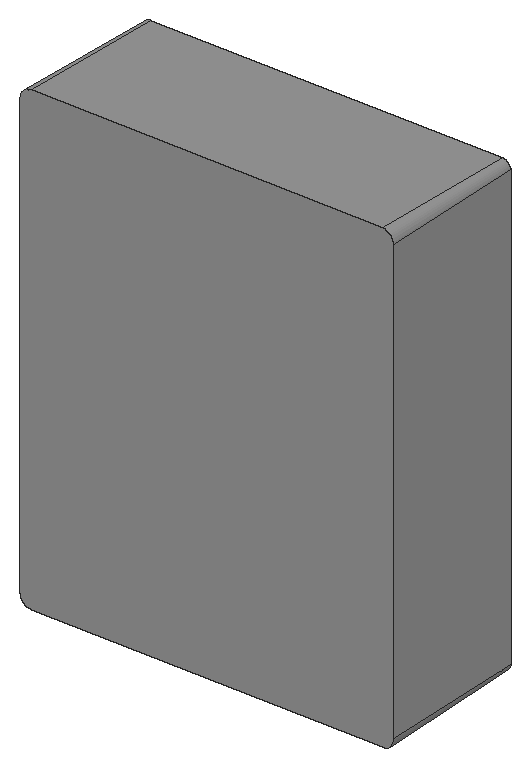
Revit family "L&L_LUCE&LIGHT_PASITO_MINI_1.2", category Lighting Fixtures, host Wall, Revit 2018 (continued)
Parameters (values of type "PASITO_MINI_1.2 – 60°")
    .00 0.00 0.00 0.00 0.00 0.00 \r\n0.00 0.00 0.00 0.00 0.00 0.00 0.00 0.00 0.00 0.00 0.00 \r\n0.00 0.00 0.00 0.00 0.00 0.00 0.00 0.00 0.00 0.00 0.00 \r\n0.00 0.00 0.00 0.00 0.00 0.00 0.00 0.00 0.00 0.00 0.00 \r\n0.00 0.00 0.00 0.00 0.02 \r\n0.01 0.00 0.00 0.00 0.00 0.00 0.00 0.00 0.00 0.00 0.00 \r\n0.00 0.00 0.00 0.00 0.00 0.00 0.00 0.00 0.00 0.00 0.00 \r\n0.00 0.00 0.00 0.00 0.00 0.00 0.00 0.00 0.00 0.00 0.00 \r\n0.00 0.00 0.00 0.00 0.00 0.00 0.00 0.00 0.00 0.00 0.00 \r\n0.00 0.00 0.00 0.00 0.00 0.00 0.00 0.00 0.00 0.00 0.00 \r\n0.00 0.00 0.00 0.00 0.00 0.00 0.00 0.00 0.00 0.00 0.00 \r\n0.00 0.00 0.00 0.00 0.00 0.00 0.00 0.00 0.00 0.00 0.00 \r\n0.00 0.00 0.00 0.00 0.00 0.00 0.00 0.00 0.00 0.00 0.00 \r\n0.00 0.00 0.00 0.00 0.00 0.00 0.00 0.00 0.00 0.00 0.00 \r\n0.00 0.00 0.00 0.00 0.00 0.00 0.00 0.00 0.00 0.00 0.00 \r\n0.00 0.00 0.00 0.00 0.00 0.00 0.00 0.00 0.00 0.00 0.00 \r\n0.00 0.00 0.00 0.00 0.00 0.00 0.00 0.00 0.00 0.00 0.00 \r\n0.00 0.00 0.00 0.00 0.00 0.00 0.00 0.00 0.00 0.00 0.00 \r\n0.00 0.00 0.00 0.00 0.00 0.00 0.00 0.00 0.00 0.00 0.00 \r\n0.00 0.00 0.00 0.00 0.00 0.00 0.00 0.00 0.00 0.00 0.00 \r\n0.00 0.00 0.00 0.00 0.00 0.00 0.00 0.00 0.00 0.00 0.00 \r\n0.00 0.00 0.00 0.00 0.02 \r\n0.01 0.00 0.00 0.00 0.00 0.00 0.00 0.00 0.00 0.00 0.00 \r\n0.00 0.00 0.00 0.00 0.00 0.00 0.00 0.00 0.00 0.00 0.00 \r\n0.00 0.00 0.00 0.00 0.00 0.00 0.00 0.00 0.00 0.00 0.00 \r\n0.00 0.00 0.00 0.00 0.00 0.00 0.00 0.00 0.00 0.00 0.00 \r\n0.00 0.00 0.00 0.00 0.00 0.00 0.00 0.00 0.00 0.00 0.00 \r\n0.00 0.00 0.00 0.00 0.00 0.00 0.00 0.00 0.00 0.00 0.00 \r\n0.00 0.00 0.00 0.00 0.00 0.00 0.00 0.00 0.00 0.00 0.00 \r\n0.00 0.00 0.00 0.00 0.00 0.00 0.00 0.00 0.00 0.00 0.00 \r\n0.00 0.00 0.00 0.00 0.00 0.00 0.00 0.00 0.00 0.00 0.00 \r\n0.00 0.00 0.00 0.00 0.00 0.00 0.00 0.00 0.00 0.00 0.00 \r\n0.00 0.00 0.00 0.00 0.00 0.00 0.00 0.00 0.00 0.00 0.00 \r\n0.00 0.00 0.00 0.00 0.00 0.00 0.00 0.00 0.00 0.00 0.00 \r\n0.00 0.00 0.00 0.00 0.00 0.00 0.00 0.00 0.00 0.00 0.00 \r\n0.00 0.00 0.00 0.00 0.00 0.00 0.00 0.00 0.00 0.00 0.00 \r\n0.00 0.00 0.00 0.00 0.00 0.00 0.00 0.00 0.00 0.00 0.00 \r\n0.00 0.00 0.00 0.00 0.00 0.00 0.00 0.00 0.00 0.00 0.00 \r\n0.00 0.00 0.00 0.00 0.02 \r\n0.01 0.00 0.00 0.00 0.00 0.00 0.00 0.00 0.00 0.00 0.00 \r\n0.00 0.00 0.00 0.00 0.00 0.00 0.00 0.00 0.00 0.00 0.00 \r\n0.00 0.00 0.00 0.00 0.00 0.00 0.00 0.00 0.00 0.00 0.00 \r\n0.00 0.00 0.00 0.00 0.00 0.00 0.00 0.00 0.00 0.00 0.00 \r\n0.00 0.00 0.00 0.00 0.00 0.00 0.00 0.00 0.00 0.00 0.00 \r\n0.00 0.00 0.00 0.00 0.00 0.00 0.00 0.00 0.00 0.00 0.00 \r\n0.00 0.00 0.00 0.00 0.00 0.00 0.00 0.00 0.00 0.00 0.00 \r\n0.00 0.00 0.00 0.00 0.00 0.00 0.00 0.00 0.00 0.00 0.00 \r\n0.00 0.00 0.00 0.00 0.00 0.00 0.00 0.00 0.00 0.00 0.00 \r\n0.00 0.00 0.00 0.00 0.00 0.00 0.00 0.00 0.00 0.00 0.00 \r\n0.00 0.00 0.00 0.00 0.00 0.00 0.00 0.00 0.00 0.00 0.00 \r\n0.00 0.00 0.00 0.00 0.00 0.00 0.00 0.00 0.00 0.00 0.00 \r\n0.00 0.00 0.00 0.00 0.00 0.00 0.00 0.00 0.00 0.00 0.00 \r\n0.00 0.00 0.00 0.00 0.00 0.00 0.00 0.00 0.00 0.00 0.00 \r\n0.00 0.00 0.00 0.00 0.00 0.00 0.00 0.00 0.00 0.00 0.00 \r\n0.00 0.00 0.00 0.00 0.00 0.00 0.00 0.00 0.00 0.00 0.00 \r\n0.00 0.00 0.00 0.00 0.02 \r\n0.01 0.00 0.00 0.00 0.00 0.00 0.00 0.00 0.00 0.00 0.00 \r\n0.00 0.00 0.00 0.00 0.00 0.00 0.00 0.00 0.00 0.00 0.00 \r\n0.00 0.00 0.00 0.00 0.00 0.00 0.00 0.00 0.00 0.00 0.00 \r\n0.00 0.00 0.00 0.00 0.00 0.00 0.00 0.00 0.00 0.00 0.00 \r\n0.00 0.00 0.00 0.00 0.00 0.00 0.00 0.00 0.00 0.00 0.00 \r\n0.00 0.00 0.00 0.00 0.00 0.00 0.00 0.00 0.00 0.00 0.00 \r\n0.00 0.00 0.00 0.00 0.00 0.00 0.00 0.00 0.00 0.00 0.00 \r\n0.00 0.00 0.00 0.00 0.00 0.00 0.00 0.00 0.00 0.00 0.00 \r\n0.00 0.00 0.00 0.00 0.00 0.00 0.00 0.00 0.00 0.00 0.00 \r\n0.00 0.00 0.00 0.00 0.00 0.00 0.00 0.00 0.00 0.00 0.00 \r\n0.00 0.00 0.00 0.00 0.00 0.00 0.00 0.00 0.00 0.00 0.00 \r\n0.00 0.00 0.00 0.00 0.00 0.00 0.00 0.00 0.00 0.00 0.00 \r\n0.00 0.00 0.00 0.00 0.00 0.00 0.00 0.00 0.00 0.00 0.00 \r\n0.00 0.00 0.00 0.00 0.00 0.00 0.00 0.00 0.00 0.00 0.00 \r\n0.00 0.00 0.00 0.00 0.00 0.00 0.00 0.00 0.00 0.00 0.00 \r\n0.00 0.00 0.00 0.00 0.00 0.00 0.00 0.00 0.00 0.00 0.00 \r\n0.00 0.00 0.00 0.00 0.02 \r\n0.01 0.00 0.00 0.00 0.00 0.00 0.00 0.00 0.00 0.00 0.00 \r\n0.00 0.00 0.00 0.00 0.00 0.00 0.00 0.00 0.00 0.00 0.00 \r\n0.00 0.00 0.00 0.00 0.00 0.00 0.00 0.00 0.00 0.00 0.00 \r\n0.00 0.00 0.00 0.00 0.00 0.00 0.00 0.00 0.00 0.00 0.00 \r\n0.00 0.00 0.00 0.00 0.00 0.00 0.00 0.00 0.00 0.00 0.00 \r\n0.00 0.00 0.00 0.00 0.00 0.00 0.00 0.00 0.00 0.00 0.00 \r\n0.00 0.00 0.00 0.00 0.00 0.00 0.00 0.00 0.00 0.00 0.00 \r\n0.00 0.00 0.00 0.00 0.00 0.00 0.00 0.00 0.00 0.00 0.00 \r\n0.00 0.00 0.00 0.00 0.00 0.00 0.00 0.00 0.00 0.00 0.00 \r\n0.00 0.00 0.00 0.00 0.00 0.00 0.00 0.00 0.00 0.00 0.00 \r\n0.00 0.00 0.00 0.00 0.00 0.00 0.00 0.00 0.00 0.00 0.00 \r\n0.00 0.00 0.00 0.00 0.00 0.00 0.00 0.00 0.00 0.00 0.00 \r\n0.00 0.00 0.00 0.00 0.00 0.00 0.00 0.00 0.00 0.00 0.00 \r\n0.00 0.00 0.00 0.00 0.00 0.00 0.00 0.00 0.00 0.00 0.00 \r\n0.00 0.00 0.00 0.00 0.00 0.00 0.00 0.00 0.00 0.00 0.00 \r\n0.00 0.00 0.00 0.00 0.00 0.00 0.00 0.00 0.00 0.00 0.00 \r\n0.00 0.00 0.00 0.00 0.02 \r\n0.01 0.00 0.00 0.00 0.00 0.00 0.00 0.00 0.00 0.00 0.00 \r\n0.00 0.00 0.00 0.00 0.00 0.00 0.00 0.00 0.00 0.00 0.00 \r\n0.00 0.00 0.00 0.00 0.00 0.00 0.00 0.00 0.00 0.00 0.00 \r\n0.00 0.00 0.00 0.00 0.00 0.00 0.00 0.00 0.00 0.00 0.00 \r\n0.00 0.00 0.00 0.00 0.00 0.00 0.00 0.00 0.00 0.00 0.00 \r\n0.00 0.00 0.00 0.00 0.00 0.00 0.00 0.00 0.00 0.00 0.00 \r\n0.00 0.00 0.00 0.00 0.00 0.00 0.00 0.00 0.00 0.00 0.00 \r\n0.00 0.00 0.00 0.00 0.00 0.00 0.00 0.00 0.00 0.00 0.00 \r\n0.00 0.00 0.00 0.00 0.00 0.00 0.00 0.00 0.00 0.00 0.00 \r\n0.00 0.00 0.00 0.00 0.00 0.00 0.00 0.00 0.00 0.00 0.00 \r\n0.00 0.00 0.00 0.00 0.00 0.00 0.00 0.00 0.00 0.00 0.00 \r\n0.00 0.00 0.00 0.00 0.00 0.00 0.00 0.00 0.00 0.00 0.00 \r\n0.00 0.00 0.00 0.00 0.00 0.00 0.00 0.00 0.00 0.00 0.00 \r\n0.00 0.00 0.00 0.00 0.00 0.00 0.00 0.00 0.00 0.00 0.00 \r\n0.00 0.00 0.00 0.00 0.00 0.00 0.00 0.00 0.00 0.00 0.00 \r\n0.00 0.00 0.00 0.00 0.00 0.00 0.00 0.00 0.00 0.00 0.00 \r\n0.00 0.00 0.00 0.00 0.02 \r\n0.01 0.00 0.00 0.00 0.00 0.00 0.00 0.00 0.00 0.00 0.00 \r\n0.00 0.00 0.00 0.00 0.00 0.00 0.00 0.00 0.00 0.00 0.00 \r\n0.00 0.00 0.00 0.00 0.00 0.00 0.00 0.00 0.00 0.00 0.00 \r\n0.00 0.00 0.00 0.00 0.00 0.00 0.00 0.00 0.00 0.00 0.00 \r\n0.00 0.00 0.00 0.00 0.00 0.00 0.00 0.00 0.00 0.00 0.00 \r\n0.00 0.00 0.00 0.00 0.00 0.00 0.00 0.00 0.00 0.00 0.00 \r\n0.00 0.00 0.00 0.00 0.00 0.00 0.00 0.00 0.00 0.00 0.00 \r\n0.00 0.00 0.00 0.00 0.00 0.00 0.00 0.00 0.00 0.00 0.00 \r\n0.00 0.00 0.00 0.00 0.00 0.00 0.00 0.00 0.00 0.00 0.00 \r\n0.00 0.00 0.00 0.00 0.00 0.00 0.00 0.00 0.00 0.00 0.00 \r\n0.00 0.00 0.00 0.00 0.00 0.00 0.00 0.00 0.00 0.00 0.00 \r\n0.00 0.00 0.00 0.00 0.00 0.00 0.00 0.00 0.00 0.00 0.00 \r\n0.00 0.00 0.00 0.00 0.00 0.00 0.00 0.00 0.00 0.00 0.00 \r\n0.00 0.00 0.00 0.00 0.00 0.00 0.00 0.00 0.00 0.00 0.00 \r\n0.00 0.00 0.00 0.00 0.00 0.00 0.00 0.00 0.00 0.00 0.00 \r\n0.00 0.00 0.00 0.00 0.00 0.00 0.00 0.00 0.00 0.00 0.00 \r\n0.00 0.00 0.00 0.00 0.02 \r\n0.01 0.00 0.00 0.00 0.00 0.00 0.00 0.00 0.00 0.00 0.00 \r\n0.00 0.00 0.00 0.00 0.00 0.00 0.00 0.00 0.00 0.00 0.00 \r\n0.00 0.00 0.00 0.00 0.00 0.00 0.00 0.00 0.00 0.00 0.00 \r\n0.00 0.00 0.00 0.00 0.00 0.00 0.00 0.00 0.00 0.00 0.00 \r\n0.00 0.00 0.00 0.00 0.00 0.00 0.00 0.00 0.00 0.00 0.00 \r\n0.00 0.00 0.00 0.00 0.00 0.00 0.00 0.00 0.00 0.00 0.00 \r\n0.00 0.00 0.00 0.00 0.00 0.00 0.00 0.00 0.00 0.00 0.00 \r\n0.00 0.00 0.00 0.00 0.00 0.00 0.00 0.00 0.00 0.00 0.00 \r\n0.00 0.00 0.00 0.00 0.00 0.00 0.00 0.00 0.00 0.00 0.00 \r\n0.00 0.00 0.00 0.00 0.00 0.00 0.00 0.00 0.00 0.00 0.00 \r\n0.00 0.00 0.00 0.00 0.00 0.00 0.00 0.00 0.00 0.00 0.00 \r\n0.00 0.00 0.00 0.00 0.00 0.00 0.00 0.00 0.00 0.00 0.00 \r\n0.00 0.00 0.00 0.00 0.00 0.00 0.00 0.00 0.00 0.00 0.00 \r\n0.00 0.00 0.00 0.00 0.00 0.00 0.00 0.00 0.00 0.00 0.00 \r\n0.00 0.00 0.00 0.00 0.00 0.00 0.00 0.00 0.00 0.00 0.00 \r\n0.00 0.00 0.00 0.00 0.00 0.00 0.00 0.00 0.00 0.00 0.00 \r\n0.00 0.00 0.00 0.00 0.02 \r\n0.01 0.00 0.00 0.00 0.00 0.00 0.00 0.00 0.00 0.00 0.00 \r\n0.00 0.00 0.00 0.00 0.00 0.00 0.00 0.00 0.00 0.00 0.00 \r\n0.00 0.00 0.00 0.00 0.00 0.00 0.00 0.00 0.00 0.00 0.00 \r\n0.00 0.00 0.00 0.00 0.00 0.00 0.00 0.00 0.00 0.00 0.00 \r\n0.00 0.00 0.00 0.00 0.00 0.00 0.00 0.00 0.00 0.00 0.00 \r\n0.00 0.00 0.00 0.00 0.00 0.00 0.00 0.00 0.00 0.00 0.00 \r\n0.00 0.00 0.00 0.00 0.00 0.00 0.00 0.00 0.00 0.00 0.00 \r\n0.00 0.00 0.00 0.00 0.00 0.00 0.00 0.00 0.00 0.00 0.00 \r\n0.00 0.00 0.00 0.00 0.00 0.00 0.00 0.00 0.00 0.00 0.00 \r\n0.00 0.00 0.00 0.00 0.00 0.00 0.00 0.00 0.00 0.00 0.00 \r\n0.00 0.00 0.00 0.00 0.00 0.00 0.00 0.00 0.00 0.00 0.00 \r\n0.00 0.00 0.00 0.00 0.00 0.00 0.00 0.00 0.00 0.00 0.00 \r\n0.00 0.00 0.00 0.00 0.00 0.00 0.00 0.00 0.00 0.00 0.00 \r\n0.00 0.00 0.00 0.00 0.00 0.00 0.00 0.00 0.00 0.00 0.00 \r\n0.00 0.00 0.00 0.00 0.00 0.00 0.00 0.00 0.00 0.00 0.00 \r\n0.00 0.00 0.00 0.00 0.00 0.00 0.00 0.00 0.00 0.00 0.00 \r\n0.00 0.00 0.00 0.00 0.02 \r\n0.01 0.00 0.00 0.00 0.00 0.00 0.00 0.00 0.00 0.00 0.00 \r\n0.00 0.00 0.00 0.00 0.00 0.00 0.00 0.00 0.00 0.00 0.00 \r\n0.00 0.00 0.00 0.00 0.00 0.00 0.00 0.00 0.00 0.00 0.00 \r\n0.00 0.00 0.00 0.00 0.00 0.00 0.00 0.00 0.00 0.00 0.00 \r\n0.00 0.00 0.00 0.00 0.00 0.00 0.00 0.00 0.00 0.00 0.00 \r\n0.00 0.00 0.00 0.00 0.00 0.00 0.00 0.00 0.00 0.00 0.00 \r\n0.00 0.00 0.00 0.00 0.00 0.00 0.00 0.00 0.00 0.00 0.00 \r\n0.00 0.00 0.00 0.00 0.00 0.00 0.00 0.00 0.00 0.00 0.00 \r\n0.00 0.00 0.00 0.00 0.00 0.00 0.00 0.00 0.00 0.00 0.00 \r\n0.00 0.00 0.00 0.00 0.00 0.00 0.00 0.00 0.00 0.00 0.00 \r\n0.00 0.00 0.00 0.00 0.00 0.00 0.00 0.00 0.00 0.00 0.00 \r\n0.00 0.00 0.00 0.00 0.00 0.00 0.00 0.00 0.00 0.00 0.00 \r\n0.00 0.00 0.00 0.00 0.00 0.00 0.00 0.00 0.00 0.00 0.00 \r\n0.00 0.00 0.00 0.00 0.00 0.00 0.00 0.00 0.00 0.00 0.00 \r\n0.00 0.00 0.00 0.00 0.00 0.00 0.00 0.00 0.00 0.00 0.00 \r\n0.00 0.00 0.00 0.00 0.00 0.00 0.00 0.00 0.00 0.00 0.00 \r\n0.00 0.00 0.00 0.00 0.02 \r\n0.01 0.00 0.00 0.00 0.00 0.00 0.00 0.00 0.00 0.00 0.00 \r\n0.00 0.00 0.00 0.00 0.00 0.00 0.00 0.00 0.00 0.00 0.00 \r\n0.00 0.00 0.00 0.00 0.00 0.00 0.00 0.00 0.00 0.00 0.00 \r\n0.00 0.00 0.00 0.00 0.00 0.00 0.00 0.00 0.00 0.00 0.00 \r\n0.00 0.00 0.00 0.00 0.00 0.00 0.00 0.00 0.00 0.00 0.00 \r\n0.00 0.00 0.00 0.00 0.00 0.00 0.00 0.00 0.00 0.00 0.00 \r\n0.00 0.00 0.00 0.00 0.00 0.00 0.00 0.00 0.00 0.00 0.00 \r\n0.00 0.00 0.00 0.00 0.00 0.00 0.00 0.00 0.00 0.00 0.00 \r\n0.00 0.00 0.00 0.00 0.00 0.00 0.00 0.00 0.00 0.00 0.00 \r\n0.00 0.00 0.00 0.00 0.00 0.00 0.00 0.00 0.00 0.00 0.00 \r\n0.00 0.00 0.00 0.00 0.00 0.00 0.00 0.00 0.00 0.00 0.00 \r\n0.00 0.00 0.00 0.00 0.00 0.00 0.00 0.00 0.00 0.00 0.00 \r\n0.00 0.00 0.00 0.00 0.00 0.00 0.00 0.00 0.00 0.00 0.00 \r\n0.00 0.00 0.00 0.00 0.00 0.00 0.00 0.00 0.00 0.00 0.00 \r\n0.00 0.00 0.00 0.00 0.00 0.00 0.00 0.00 0.00 0.00 0.00 \r\n0.00 0.00 0.00 0.00 0.00 0.00 0.00 0.00 0.00 0.00 0.00 \r\n0.00 0.00 0.00 0.00 0.02 \r\n0.01 0.01 0.00 0.00 0.00 0.00 0.00 0.00 0.00 0.00 0.00 \r\n0.00 0.00 0.00 0.00 0.00 0.00 0.00 0.00 0.00 0.00 0.00 \r\n0.00 0.00 0.00 0.00 0.00 0.00 0.00 0.00 0.00 0.00 0.00 \r\n0.00 0.00 0.00 0.00 0.00 0.00 0.00 0.00 0.00 0.00 0.00 \r\n0.00 0.00 0.00 0.00 0.00 0.00 0.00 0.00 0.00 0.00 0.00 \r\n0.00 0.00 0.00 0.00 0.00 0.00 0.00 0.00 0.00 0.00 0.00 \r\n0.00 0.00 0.00 0.00 0.00 0.00 0.00 0.00 0.00 0.00 0.00 \r\n0.00 0.00 0.00 0.00 0.00 0.00 0.00 0.00 0.00 0.00 0.00 \r\n0.00 0.00 0.00 0.00 0.00 0.00 0.00 0.00 0.00 0.00 0.00 \r\n0.00 0.00 0.00 0.00 0.00 0.00 0.00 0.00 0.00 0.00 0.00 \r\n0.00 0.00 0.00 0.00 0.00 0.00 0.00 0.00 0.00 0.00 0.00 \r\n0.00 0.00 0.00 0.00 0.00 0.00 0.00 0.00 0.00 0.00 0.00 \r\n0.00 0.00 0.00 0.00 0.00 0.00 0.00 0.00 0.00 0.00 0.00 \r\n0.00 0.00 0.00 0.00 0.00 0.00 0.00 0.00 0.00 0.00 0.00 \r\n0.00 0.00 0.00 0.00 0.00 0.00 0.00 0.00 0.00 0.00 0.00 \r\n0.00 0.00 0.00 0.00 0.00 0.00 0.00 0.00 0.00 0.00 0.00 \r\n0.00 0.00 0.00 0.00 0.02 \r\n0.01 0.01 0.00 0.00 0.00 0.00 0.00 0.00 0.00 0.00 0.00 \r\n0.00 0.00 0.00 0.00 0.00 0.00 0.00 0.00 0.00 0.00 0.00 \r\n0.00 0.00 0.00 0.00 0.00 0.00 0.00 0.00 0.00 0.00 0.00 \r\n0.00 0.00 0.00 0.00 0.00 0.00 0.00 0.00 0.00 0.00 0.00 \r\n0.00 0.00 0.00 0.00 0.00 0.00 0.00 0.00 0.00 0.00 0.00 \r\n0.00 0.00 0.00 0.00 0.00 0.00 0.00 0.00 0.00 0.00 0.00 \r\n0.00 0.00 0.00 0.00 0.00 0.00 0.00 0.00 0.00 0.00 0.00 \r\n0.00 0.00 0.00 0.00 0.00 0.00 0.00 0.00 0.00 0.00 0.00 \r\n0.00 0.00 0.00 0.00 0.00 0.00 0.00 0.00 0.00 0.00 0.00 \r\n0.00 0.00 0.00 0.00 0.00 0.00 0.00 0.00 0.00 0.00 0.00 \r\n0.00 0.00 0.00 0.00 0.00 0.00 0.00 0.00 0.00 0.00 0.00 \r\n0.00 0.00 0.00 0.00 0.00 0.00 0.00 0.00 0.00 0.00 0.00 \r\n0.00 0.00 0.00 0.00 0.00 0.00 0.00 0.00 0.00 0.00 0.00 \r\n0.00 0.00 0.00 0.00 0.00 0.00 0.00 0.00 0.00 0.00 0.00 \r\n0.00 0.00 0.00 0.00 0.00 0.00 0.00 0.00 0.00 0.00 0.00 \r\n0.00 0.00 0.00 0.00 0.00 0.00 0.00 0.00 0.00 0.00 0.00 \r\n0.00 0.00 0.00 0.00 0.02 \r\n0.01 0.01 0.00 0.00 0.00 0.00 0.00 0.00 0.00 0.00 0.00 \r\n0.00 0.00 0.00 0.00 0.00 0.00 0.00 0.00 0.00 0.00 0.00 \r\n0.00 0.00 0.00 0.00 0.00 0.00 0.00 0.00 0.00 0.00 0.00 \r\n0.00 0.00 0.00 0.00 0.00 0.00 0.00 0.00 0.00 0.00 0.00 \r\n0.00 0.00 0.00 0.00 0.00 0.00 0.00 0.00 0.00 0.00 0.00 \r\n0.00 0.00 0.00 0.00 0.00 0.00 0.00 0.00 0.00 0.00 0.00 \r\n0.00 0.00 0.00 0.00 0.00 0.00 0.00 0.00 0.00 0.00 0.00 \r\n0.00 0.00 0.00 0.00 0.00 0.00 0.00 0.00 0.00 0.00 0.00 \r\n0.00 0.00 0.00 0.00 0.00 0.00 0.00 0.00 0.00 0.00 0.00 \r\n0.00 0.00 0.00 0.00 0.00 0.00 0.00 0.00 0.00 0.00 0.00 \r\n0.00 0.00 0.00 0.00 0.00 0.00 0.00 0.00 0.00 0.00 0.00 \r\n0.00 0.00 0.00 0.00 0.00 0.00 0.00 0.00 0.00 0.00 0.00 \r\n0.00 0.00 0.00 0.00 0.00 0.00 0.00 0.00 0.00 0.00 0.00 \r\n0.00 0.00 0.00 0.00 0.00 0.00 0.00 0.00 0.00 0.00 0.00 \r\n0.00 0.00 0.00 0.00 0.00 0.00 0.00 0.00 0.00 0.00 0.00 \r\n0.00 0.00 0.00 0.00 0.00 0.00 0.00 0.00 0.00 0.00 0.00 \r\n0.00 0.00 0.00 0.01 0.02 \r\n0.01 0.01 0.00 0.00 0.00 0.00 0.00 0.00 0.00 0.00 0.00 \r\n0.00 0.00 0.00 0.00 0.00 0.00 0.00 0.00 0.00 0.00 0.00 \r\n0.00 0.00 0.00 0.00 0.00 0.00 0.00 0.00 0.00 0.00 0.00 \r\n0.00 0.00 0.00 0.00 0.00 0.00 0.00 0.00 0.00 0.00 0.00 \r\n0.00 0.00 0.00 0.00 0.00 0.00 0.00 0.00 0.00 0.00 0.00 \r\n0.00 0.00 0.00 0.00 0.00 0.00 0.00 0.00 0.00 0.00 0.00 \r\n0.00 0.00 0.00 0.00 0.00 0.00 0.00 0.00 0.00 0.00 0.00 \r\n0.00 0.00 0.00 0.00 0.00 0.00 0.00 0.00 0.00 0.00 0.00 \r\n0.00 0.00 0.00 0.00 0.00 0.00 0.00 0.00 0.00 0.00 0.00 \r\n0.00 0.00 0.00 0.00 0.00 0.00 0.00 0.00 0.00 0.00 0.00 \r\n0.00 0.00 0.00 0.00 0.00 0.00 0.00 0.00 0.00 0.00 0.00 \r\n0.00 0.00 0.00 0.00 0.00 0.00 0.00 0.00 0.00 0.00 0.00 \r\n0.00 0.00 0.00 0.00 0.00 0.00 0.00 0.00 0.00 0.00 0.00 \r\n0.00 0.00 0.00 0.00 0.00 0.00 0.00 0.00 0.00 0.00 0.00 \r\n0.00 0.00 0.00 0.00 0.00 0.00 0.00 0.00 0.00 0.00 0.00 \r\n0.00 0.00 0.00 0.00 0.00 0.00 0.00 0.00 0.00 0.00 0.00 \r\n0.00 0.00 0.00 0.01 0.02 \r\n0.01 0.01 0.00 0.00 0.00 0.00 0.00 0.00 0.00 0.00 0.00 \r\n0.00 0.00 0.00 0.00 0.00 0.00 0.00 0.00 0.00 0.00 0.00 \r\n0.00 0.00 0.00 0.00 0.00 0.00 0.00 0.00 0.00 0.00 0.00 \r\n0.00 0.00 0.00 0.00 0.00 0.00 0.00 0.00 0.00 0.00 0.00 \r\n0.00 0.00 0.00 0.00 0.00 0.00 0.00 0.00 0.00 0.00 0.00 \r\n0.00 0.00 0.00 0.00 0.00 0.00 0.00 0.00 0.00 0.00 0.00 \r\n0.00 0.00 0.00 0.00 0.00 0.00 0.00 0.00 0.00 0.00 0.00 \r\n0.00 0.00 0.00 0.00 0.00 0.00 0.00 0.00 0.00 0.00 0.00 \r\n0.00 0.00 0.00 0.00 0.00 0.00 0.00 0.00 0.00 0.00 0.00 \r\n0.00 0.00 0.00 0.00 0.00 0.00 0.00 0.00 0.00 0.00 0.00 \r\n0.00 0.00 0.00 0.00 0.00 0.00 0.00 0.00 0.00 0.00 0.00 \r\n0.00 0.00 0.00 0.00 0.00 0.00 0.00 0.00 0.00 0.00 0.00 \r\n0.00 0.00 0.00 0.00 0.00 0.00 0.00 0.00 0.00 0.00 0.00 \r\n0.00 0.00 0.00 0.00 0.00 0.00 0.00 0.00 0.00 0.00 0.00 \r\n0.00 0.00 0.00 0.00 0.00 0.00 0.00 0.00 0.00 0.00 0.00 \r\n0.00 0.00 0.00 0.00 0.00 0.00 0.00 0.00 0.00 0.00 0.00 \r\n0.00 0.00 0.00 0.01 0.02 \r\n0.01 0.01 0.00 0.00 0.00 0.00 0.00 0.00 0.00 0.00 0.00 \r\n0.00 0.00 0.00 0.00 0.00 0.00 0.00 0.00 0.00 0.00 0.00 \r\n0.00 0.00 0.00 0.00 0.00 0.00 0.00 0.00 0.00 0.00 0.00 \r\n0.00 0.00 0.00 0.00 0.00 0.00 0.00 0.00 0.00 0.00 0.00 \r\n0.00 0.00 0.00 0.00 0.00 0.00 0.00 0.00 0.00 0.00 0.00 \r\n0.00 0.00 0.00 0.00 0.00 0.00 0.00 0.00 0.00 0.00 0.00 \r\n0.00 0.00 0.00 0.00 0.00 0.00 0.00 0.00 0.00 0.00 0.00 \r\n0.00 0.00 0.00 0.00 0.00 0.00 0.00 0.00 0.00 0.00 0.00 \r\n0.00 0.00 0.00 0.00 0.00 0.00 0.00 0.00 0.00 0.00 0.00 \r\n0.00 0.00 0.00 0.00 0.00 0.00 0.00 0.00 0.00 0.00 0.00 \r\n0.00 0.00 0.00 0.00 0.00 0.00 0.00 0.00 0.00 0.00 0.00 \r\n0.00 0.00 0.00 0.00 0.00 0.00 0.00 0.00 0.00 0.00 0.00 \r\n0.00 0.00 0.00 0.00 0.00 0.00 0.00 0.00 0.00 0.00 0.00 \r\n0.00 0
